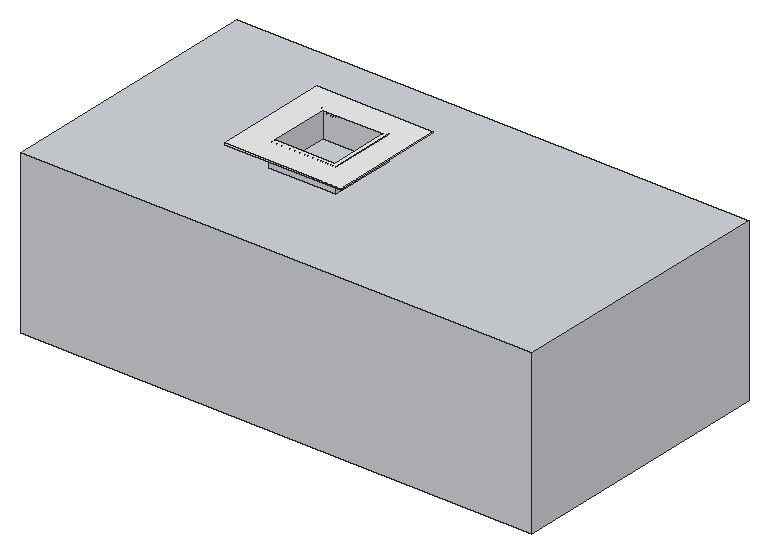
Revit family "Lighting-Recessed-Lucifer-2SA-High Flux", category Lighting Fixtures, host Face, Revit 2017
Family settings
  Host = Face
  Round Connector Dimension = Use Diameter
  Part Type = Normal
  Cut with Voids When Loaded = No
  Light Source = Yes
  Shared = No
  Room Calculation Point = No
Parameters (values of type "2SA-High Flux")
  Trim = 4.08"
  Housing Width = 9.50"
  Wattage = 9.2903 W
  built-in parameter 1150110 = 1 (stored number, unit not read)
  Voltage = 0 V
  URL = "https://www.luciferlighting.com/"
  built-in parameter 1114217 = 1 (stored number, unit not read)
  Tilt Angle = -90.00°
  built-in parameter 1150109 = 1 (stored number, unit not read)
  built-in parameter 1150134 = 3
  built-in parameter 1150113 = 1 (stored number, unit not read)
  Power Factor = 1
  Photometric Web File = "Load File"
  Number of Poles = 1
  built-in parameter 1150142 = (empty or 0)
  Model = "2SA High Flux"
  Manufacturer = "Lucifer Lighting"
  built-in parameter 1150105 = 109.82 (stored number, unit not read)
  Lumens = 1380 lm
  built-in parameter 1150115 = 1 (stored number, unit not read)
  built-in parameter 1150137 = (empty or 0)
  built-in parameter 1150139 = (empty or 0)
  Housing Length = 18.00"
  built-in parameter 1150112 = 1 (stored number, unit not read)
  built-in parameter 1150114 = 1 (stored number, unit not read)
  Lamp = "LED"
  built-in parameter 1150132 = (empty or 0)
  built-in parameter 1150102 = (empty or 0)
  built-in parameter 1150107 = 3200 (stored number, unit not read)
  built-in parameter 1150138 = (empty or 0)
  built-in parameter 1150106 = 1.0982 (stored number, unit not read)
  Housing Height = 6.50"
  Emit from Rectangle Width = 2.10"  # constant formula
  Emit from Rectangle Length = 2.10"  # constant formula
  Emit Shape Visible in Rendering = no
  built-in parameter 1150104 = 13.8 (stored number, unit not read)
  Dimming Lamp Color Temperature Shift = <None>
  Description = "Recessed Downlight Adjustable"
  Default Elevation = 48.00"
  Color Filter = 16777215
  built-in parameter 1114218 = 1 (stored number, unit not read)
  built-in parameter 1150133 = 10 (stored number, unit not read)
  Apparent Load = 0 VA
  Aperture Center Line = 7.05"
Reference planes (in)
  plane 1 "Center (Front/Back)": y = 0
  plane 2: z = 0
  plane 3 "Center (Left/Right)": x = 0
  plane 4: z = -6.5
  plane 5: x = -7.05
  plane 6: x = 10.95
  plane 7: y = 4.75
  plane 8: y = -4.75
  plane 9: x = -7.05
Forms (in)
  Extrusion 1, solid, material "Trim Finish"
    sketch origin (0, 0, 0) x (1, 0, 0) y (0, 1, 0)
      loop
        line (-2.04, 2.04) -> (-2.04, -2.04) -> (2.04, -2.04) -> (2.04, 2.04) -> (-2.04, 2.04)
      loop
        line (-1.05, 1.05) -> (-1.05, -1.05) -> (1.05, -1.05) -> (1.05, 1.05) -> (-1.05, 1.05)
    from 0 to 0.05232
  Extrusion 2, solid
    sketch origin (0, 0, 0) x (1, 0, 0) y (0, 1, 0)
      loop
        line (-7.05, 4.75) -> (-7.05, -4.75) -> (10.95, -4.75) -> (10.95, 4.75) -> (-7.05, 4.75)
    from -0.81991 to -6.5
  Extrusion 3, void
    sketch origin (0, 0, 0) x (1, 0, 0) y (0, 1, 0)
      loop
        line (-1.05, 1.05) -> (-1.05, -1.05) -> (1.05, -1.05) -> (1.05, 1.05) -> (-1.05, 1.05)
    from -0.81991 to 0.05232
  Extrusion 4, solid
    sketch origin (0, 0, 0) x (1, 0, 0) y (0, 1, 0)
      loop
        line (-1.05, 1.05) -> (-1.05, -1.05) -> (1.05, -1.05) -> (1.05, 1.05) -> (-1.05, 1.05)
      loop
        line (-1.17, 1.17) -> (-1.17, -1.17) -> (1.17, -1.17) -> (1.17, 1.17) -> (-1.17, 1.17)
    from -0.81991 to 0.05232
Cuts and joins
  Extrusion 3 cuts Extrusion 1
Dimensions and locks (in)
  "Housing Height": host face to plane 4
  "Housing Length": plane 5 to plane 6
  "Housing Width": plane 7 to plane 8
  equal spacing: plane 7, plane 1 "Center (Front/Back)", plane 8
  "Aperture Center Line": plane 9 to plane 3 "Center (Left/Right)"
  equal spacing: Extrusion 1 sketch curve, plane 3 "Center (Left/Right)", Extrusion 1 sketch curve
  "Trim": Extrusion 1 sketch curve to Extrusion 1 sketch curve  (x2)
  equal spacing: Extrusion 1 sketch curve, plane 1 "Center (Front/Back)", Extrusion 1 sketch curve
  locked: Extrusion 1 sketch curve to Extrusion 1 sketch curve at 2.1
  aligned and locked: plane 2 to host face
  aligned and locked: level to host face
  aligned and locked: Extrusion 2 sketch curve to plane 7
  aligned and locked: plane 5 to Extrusion 2 sketch curve
  aligned and locked: Extrusion 2 sketch curve to plane 6
  aligned and locked: plane 8 to Extrusion 2 sketch curve
  aligned and locked: Extrusion 2 to plane 4
  aligned and locked: Extrusion 3 sketch curve to Extrusion 1  (x4)
  aligned and locked: Extrusion 3 to Extrusion 2
  aligned and locked: Extrusion 1 to Extrusion 3
  aligned and locked: Extrusion 4 sketch curve to cut or joined group of Extrusion 1, Extrusion 3  (x4)
Automatic sketch dimensions
  host sketch curve to host sketch curve = 96.00"  (x2)
  Extrusion 4 sketch curve to Extrusion 4 sketch curve = 0.12"  (x4)
  Extrusion 1 sketch curve to plane 3 "Center (Left/Right)" = 1.05"
  plane 1 "Center (Front/Back)" to Extrusion 1 sketch curve = 1.05"
  Extrusion 1 sketch curve to plane 1 "Center (Front/Back)" = 1.05"
Connectors (in)
  electrical at (1.95, 0, -6.5), driven by "Number of Poles", driven by "Voltage", driven by "Apparent Load", driven by "Power Factor"
    settings: on Extrusion 2, index 1, voltage 0 V, apparent load 0 VA, apparent load phase1 0 VA, apparent load phase2 0 VA, apparent load phase3 0 VA, power factor 1, load classification "Other", number of poles 1, system type 31, power factor state 1, is connector primary yes, connector utility no, sub classification motor no, connector description ""
